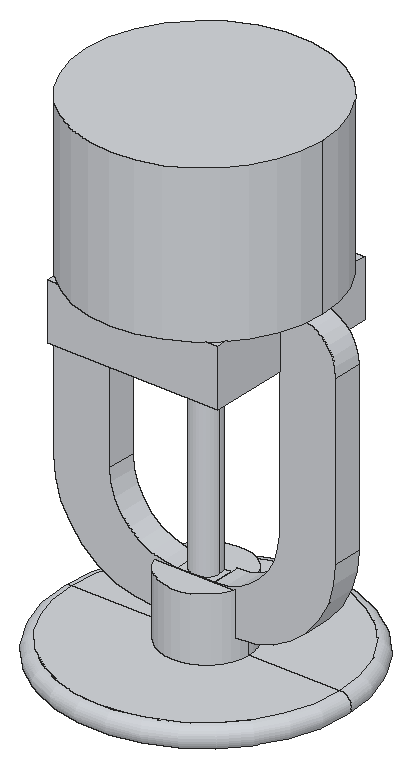
Revit family
Parameters (values of type "RASCO F1FR-300 PENDENT")
  Temperature Rating = 135 °F
  Response = 1
  RASCO SIN # = "R5612"
  RASCO Part # = "F1FRP0LB3"
  Pressure Rating = "300 PSI"
  Pressure Class = (empty or 0)
  Orifice Size = 17/32"
  Orifice = (empty or 0)
  Model = "F1FR-300"
  Manufacturer = "RASCO"
  K-Factor = 8
  Description = "Bronze Finish"
  Coverage = (empty or 0)
Reference planes (in)
  plane 1 "Center (Front/Back)": y = 0
  plane 2: z = 0
  plane 3 "Center (Left/Right)": x = 0
Dimensions and locks (in)
  aligned and locked: plane 2 to level
Nested families (in)
  nested 1: "F1FRP0LB3" at (-0.01148, 0, 2.4375) x (-1, 0, 0) z (0, 0, -1), type "RASCO F1FR-300 PENDENT"
Connectors (in)
  piping at (-0.01148, 0, 2.4375)
    settings: on nested 1, index 1, connector radius 1/2", flow factor 0, pipe flow 0 GPM, pressure drop 0.00 psi, fitting loss kfactor 0, connector angle 0.00°, fixture units 0, flow configuration 0, flow direction 0, fitting loss method 0, system type 7, connector reference index -1, connector utility 0, adjustable connector no, is connector primary yes, fitting loss table "", connector description ""
Definition of nested family "F1FRP0LB3"
  Parameters (values of type "RASCO F1FR-300 PENDENT")
    Type Comments = ""
    Temperature Rating = 0 °F
    Response = (empty or 0)
    Pressure Rating = "0"
    Pressure Class = (empty or 0)
    Orifice Size = 0"
    Orifice = (empty or 0)
    Model = ""
    Manufacturer = ""
    K-Factor = 0
    Description = ""
    Coverage = (empty or 0)
    Assembly Code = ""
  Reference planes (in)
    plane 1 "Center (Front/Back)": y = 0
    plane 2: z = 0
    plane 3 "ref.2": z = 0.6875
    plane 4 "ref.3": z = 0.9375
    plane 5: x = -0.38065
    plane 6: x = 0.36935
    plane 7 "ref. side 1": y = 0.06402
    plane 8 "ref. side 2": y = -0.06098
    plane 9 "ref.4": z = 1.875
    plane 10 "ref.5": z = 2.3125
    plane 11 "ref.6": z = 2.4375
  Forms (in)
    Extrusion 1, solid
      sketch origin (0, 0, 0) x (1, 0, 0) y (0, 1, 0)
        loop
          circle (0, 0) r 0.5221
      from 0 to 0.6875
    Extrusion 2, solid
      sketch origin (-0.12185, 0.05177, 0.6875) x (1, 0, 0) y (0, 1, 0)
        loop
          line (-0.2588, 0.356) -> (-0.2588, -0.4565) -> (0.4912, -0.4565) -> (0.4912, 0.356) -> (-0.2588, 0.356)
      from 0 to 0.25
    Extrusion 3, solid
      sketch origin (0, 0, 0) x (1, 0, 0) y (0, 0, 1)
        loop
          line (-0.38065, 0.69674) -> (-0.38065, 1.58397)
          arc (-0.38065, 1.58397) -> (-0.29541, 1.78976) -> (-0.08962, 1.875) r 0.29103
          line (-0.08962, 1.875) -> (0.07524, 1.875)
          arc (0.07524, 1.875) -> (0.28321, 1.78886) -> (0.36935, 1.58089) r 0.29411
          line (0.36935, 1.58089) -> (0.36935, 0.69728)
          arc (0.36935, 0.69728) -> (0.54046, 0.72329) -> (0.61935, 0.87734) r 0.18984
          line (0.61935, 0.87734) -> (0.61935, 1.61676)
          arc (0.61935, 1.61676) -> (0.48879, 1.93194) -> (0.17361, 2.0625) r 0.44574
          line (0.17361, 2.0625) -> (-0.18509, 2.0625)
          arc (-0.18509, 2.0625) -> (-0.50015, 1.932) -> (-0.63065, 1.61694) r 0.44556
          line (-0.63065, 1.61694) -> (-0.63065, 0.87876)
          arc (-0.63065, 0.87876) -> (-0.55196, 0.72414) -> (-0.38065, 0.69674) r 0.19126
      from -0.06402 to 0.06098
    Extrusion 4, solid
      sketch origin (0, 0, 0.9375) x (-1, 0, 0) y (0, -1, 0)
        loop
          circle (0.00574, -0.00152) r 0.0625
      from 0 to 0.9375
    Extrusion 5, solid
      sketch origin (0, 0, 1.875) x (-1, 0, 0) y (0, -1, 0)
        loop
          circle (0.00574, -0.00152) r 0.1875
      from 0 to 0.4375
    Revolve 6, solid
      sketch origin (0, 0, -0.2777) x (1, 0, 0) y (0, 0, 1)
        loop
          line (-0.19324, 2.43162) -> (-0.19324, 2.52696) -> (-0.60036, 2.52696)
          arc (-0.60036, 2.52696) -> (-0.64803, 2.47929) -> (-0.60036, 2.43162) r 0.04767
          line (-0.60036, 2.43162) -> (-0.19324, 2.43162)
        axis (-0.00574, 2.43162) -> (-0.00574, 2.52696)
      angle from 0 to 360
  Cuts and joins
    joined: Extrusion 1, Extrusion 2, Extrusion 4, Revolve 6
  Lines and regions (in)
    model lines
      curve 1: line (-0.00574, 0.06402, 1.875) -> (-0.00574, -0.06098, 1.875)
  Dimensions and locks (in)
    Extrusion 3 to Extrusion 3 = 0' - 1 1/4"
    Extrusion 5 to cut or joined group of Extrusion 1, Extrusion 2, Extrusion 4, Revolve 6 = 0' - 2 5/16"
